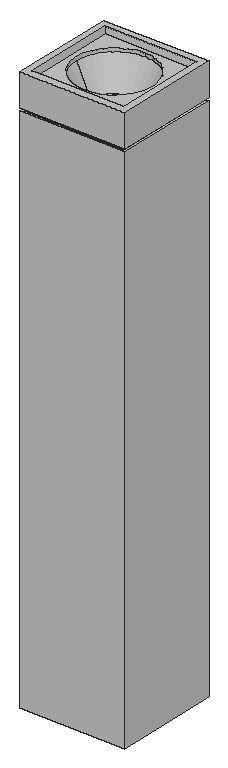
Revit family "CLighting - Luminii - Leto 44 Mini S", category Lighting Fixtures, host Face, Revit 2020
Family settings
  Host = Face
  Round Connector Dimension = Use Diameter
  Part Type = Normal
  OmniClass Number = 23.80.70.11.14.21
  OmniClass Title = Spots and Tracklight Specialties
  Cut with Voids When Loaded = No
  Light Source = Yes
  Shared = Yes
  Room Calculation Point = No
Parameters (values of type "Large")
  Width = 2.50"  # constant formula
  Wattage Comments = "13.6W"
  Wattage = 13.6364 W
  Warranty URL = "https://www.luminii.com/terms-conditions/"
  built-in parameter 1150110 = 1 (stored number, unit not read)
  Voltage Comments = "120V | 277V | 347V"  # constant formula
  Voltage = 120 V
  Version = "2020 - v1.0a"  # constant formula
  URL = "https://www.luminii.com/"
  built-in parameter 1114217 = 1 (stored number, unit not read)
  Tilt Angle = -90.00°  # constant formula
  built-in parameter 1150109 = 1 (stored number, unit not read)
  built-in parameter 1150134 = (empty or 0)
  built-in parameter 1150113 = 1 (stored number, unit not read)
  Support Phone = "224-699-9545"  # constant formula
  Support Email = "mailto:support@bimsmith.com"
  Product Page URL = "https://www.luminii.com/product/leto-44-mini-s/"
  Power Source Type = "Driver"  # constant formula
  Power Factor = 1
  Photometric Web File = "657-L-A90-617-30-07-DL.IES"
  Phase = 1
  Operating Temperature = "Consult Manufacturer Website for more Information"  # constant formula
  Number of Poles = if(and(or(Voltage = 120 V, Voltage = 277 V), Phase = 1), 1, if(and(or(Voltage = 208 V, Voltage = 240 V), Phase = 1), 2, if(and(or(Voltage = 208 V, Voltage = 240 V), Phase = 3), 3, if(and(Voltage > 300 V, Phase = 1), 2, if(and(Voltage > 400 V, Phase = 3), 3, 1)))))  # 1
  Mounting Method = "Surface Mounted"  # constant formula
  Model = if(Constraints = 1, "657-S", if(Constraints = 2, "657-M", if(Constraints = 3, "657-L", "N/A")))  # "657-L"
  Manufacturer Phone Number = "403-216-7043"  # constant formula
  Manufacturer Email = "mailto: info@sensolighting.com"
  Manufacturer Address = "302 50 Ave SE. Calgary, Alberta, T2G 2A9 Canada"  # constant formula
  Manufacturer = "Luminii"  # constant formula
  built-in parameter 1150105 = 119.37 (stored number, unit not read)
  Lumens = 1500 lm
  Luminaire Type = "Surface LED Light"  # constant formula
  built-in parameter 1150115 = 1 (stored number, unit not read)
  Load Classification = Lighting
  built-in parameter 1150137 = (empty or 0)
  built-in parameter 1150139 = (empty or 0)
  Lens Material = Plastic - Luminii - Frosted Lens
  Length [instance] = if(Constraints = 1, 2.87402", if(Constraints = 2, 8.2874", if(Constraints = 3, 13.62205", 2.87402")))  # 13.62205"
  built-in parameter 1150112 = 1 (stored number, unit not read)
  built-in parameter 1150114 = 1 (stored number, unit not read)
  Lamp Life = 1
  Lamp = "LED"  # constant formula
  Keynote = "26 50 00"
  built-in parameter 1150132 = 2
  built-in parameter 1150102 = (empty or 0)
  built-in parameter 1150107 = 3500 (stored number, unit not read)
  Initial Color Comments = "Perfomance based on 3500K Photometric Web File"  # constant formula
  built-in parameter 1150138 = (empty or 0)
  built-in parameter 1150106 = 1.1937 (stored number, unit not read)
  Housing Protection Rating = "Consult Manufacturer Website for more Information"  # constant formula
  Has Dimming = 1 = 1  # yes
  Has Battery Backup = 0 = 1  # no
  Frequency Comments = ""  # constant formula
  Frequency = 60 Hz
  Finish = Metal - Luminii - Silver Anodized Aluminum
  Environment = "Indoor"  # constant formula
  built-in parameter 1150104 = 10.219 (stored number, unit not read)
  Dimming Type = "Consult Manufacturer Website for more Information"  # constant formula
  Dimming Lamp Color Temperature Shift = <None>
  Description = "Surface Mount LED Downlight"  # constant formula
  Depth = 2.50"  # constant formula
  Default Elevation = 0.00"  # constant formula
  Current Amps = 50 A
  Copyright = "©2023 Luminii"  # constant formula
  Control Zone = "Consult Manufacturer Website for more Information"  # constant formula
  Control Type = "Consult Manufacturer Website for more Information"  # constant formula
  Constraints = 3
  Color Filter = 16777215
  built-in parameter 1114216 [instance] = 0  # (empty or 0)
  built-in parameter 1140040 [instance] = 1 = 1  # 1
  CCT = "3500K"
  built-in parameter 1114218 = 1 (stored number, unit not read)
  built-in parameter 1150133 = 10 (stored number, unit not read)
  Assembly Code = "D5020230"
  Apparent Load = Wattage / Power Factor  # 13.6364 VA
Types (3): name | Photometric Web File | Model | Length | Constraints
  Large | "657-L-A90-617-30-07-DL.IES" | "657-L" | 13.62205" | 3
  Medium | "657-M-A90-617-30-07-DL.IES" | "657-M" | 8.2874" | 2
  Small | "657-S-A90-617-30-07-DL.IES" | "657-S" | 2.87402" | 1
Reference planes (in)
  plane 1 "Center (Front/Back)": y = 0
  plane 2: z = 0
  plane 3 "Center (Left/Right)": x = 0
  plane 4: x = -1.25
  plane 5: x = 1.25
  plane 6: y = 1.25
  plane 7: y = -1.25
  plane 8: z = 13.62205
Forms (in)
  Extrusion 1, solid, material "Metal - Luminii - Silver Anodized Aluminum", not visible
    sketch origin (0, 0, 0) x (1, 0, 0) y (0, 1, 0)
      loop
        circle (0, 0) r 0.5
    from 0 to -0.17225
Dimensions and locks (in)
  equal spacing: plane 4, plane 3 "Center (Left/Right)", plane 5
  equal spacing: plane 6, plane 1 "Center (Front/Back)", plane 7
  "Depth": plane 6 to plane 7
  "Width": plane 4 to plane 5
  "Length": plane 8 to host face
  locked: plane 8 to imposter light at 0.93713
  aligned and locked: plane 2 to host face
  aligned and locked: plane 3 "Center (Left/Right)" to Extrusion 1 sketch curve
  aligned and locked: plane 1 "Center (Front/Back)" to Extrusion 1 sketch curve
  aligned and locked: plane 2 to Extrusion 1  (x2)
  aligned and locked: imposter light to plane 3 "Center (Left/Right)"
  aligned and locked: plane 3 "Center (Left/Right)" to nested 1
  aligned and locked: plane 1 "Center (Front/Back)" to nested 1
Automatic sketch dimensions
  host sketch curve to host sketch curve = 96.00"  (x2)
  radius of Extrusion 1 sketch curve = 0.50"
Nested families (in)
  nested 1: "Nested - Lamp" at (0, 0, 0), type "Nested - Lamp"
Connectors (in)
  electrical at (0, 0, 0), driven by "Number of Poles", driven by "Load Classification", driven by "Voltage", driven by "Apparent Load", driven by "Power Factor"
    settings: on Extrusion 1, index 1, voltage 120 V, apparent load 13.6364 VA, apparent load phase1 0 VA, apparent load phase2 0 VA, apparent load phase3 0 VA, power factor 1, load classification "Lighting", number of poles 1, system type 30, power factor state 1, is connector primary yes, connector utility no, sub classification motor no, connector description "Power Connection"
Definition of nested family "Nested - Lamp"
  Parameters (values of type "Nested - Lamp")
    Screen Material = none
    Inner Screen = none
    Height = if(Constraint = 1, 2.87402", if(Constraint = 2, 8.2874", if(Constraint = 3, 13.62205", 2.87402")))  # 13.62205"
    Finish = none
    Default Elevation = 48.00"
    Constraint = 3
  Reference planes (in)
    plane 1 "Center (Front/Back)": y = 0
    plane 2: z = 0
    plane 3 "Center (Left/Right)": x = 0
    plane 4: y = 1.25
    plane 5: y = -1.25
    plane 6: x = -1.25
    plane 7: x = 1.25
    plane 8: z = 13.62205
  Forms (in)
    Extrusion 1, solid
      sketch origin (0, 0, 0) x (1, 0, 0) y (0, 1, 0)
        loop
          line (-48, 48) -> (-48, -48) -> (48, -48) -> (48, 48) -> (-48, 48)
      from 0 to -12
    Sweep 2, solid, material <- "Finish"
      path origin (-0.03362, 1.25, 13.62205) x (0, 1, 0) y (-1, 0, 0)
        loop
          line (0, -1.28362) -> (0, 1.21638) -> (-2.5, 1.21638) -> (-2.5, -1.28362) -> (0, -1.28362)
      profile origin (1.25, 0, 13.62205) x (1, 0, 0) y (0, 0, 1)
        loop
          line (-0.23866, -0.10827) -> (-0.27803, -0.10827) -> (-0.27803, -0.98831) -> (0, -0.98831) -> (0, -0.84646) -> (-0.05906, -0.84646) -> (-0.05906, -0.7874) -> (0, -0.7874) -> (0, 0) -> (-0.14718, 0) -> (-0.18209, -0.24836) -> (-0.22146, -0.24836) -> (-0.23866, -0.10827)
    Revolve 3, solid
      sketch origin (-0.49058, 0, 12.63373) x (1, 0, 0) y (0, 0, 1)
        loop
          line (0.98116, -0.01969) -> (1.02442, 0.05524) -> (1.09056, 0.05524) -> (1.40417, 0.72777) -> (1.40417, 0.8023) -> (1.07049, 0.08674) -> (1.00624, 0.08674) -> (0.96298, 0.01181) -> (0.49058, 0.01181) -> (0.49058, -0.01969) -> (0.98116, -0.01969)
        axis (0.49058, 0.8023) -> (0.49058, -0.01969)
      angle from 0 to 360
    Extrusion 4, solid, material <- "Screen Material"
      sketch origin (0, 0, 12.64555) x (1, 0, 0) y (0, 1, 0)
        loop
          circle (0, 0) r 0.27714
      from 0 to 0.01969
    Extrusion 5, solid, material <- "Finish"
      sketch origin (-0.03362, 1.25, 13.62205) x (0, 1, 0) y (-1, 0, 0)
        loop
          line (0, 1.21638) -> (-2.5, 1.21638) -> (-2.5, -1.28362) -> (0, -1.28362) -> (0, 1.21638)
        loop
          line (-2.44094, 1.15732) -> (-2.44094, -1.22457) -> (-0.05906, -1.22457) -> (-0.05906, 1.15732) -> (-2.44094, 1.15732)
      from -13.62205 to -0.98831
    Extrusion 6, solid, material <- "Finish"
      sketch origin (0.97197, 0.97197, 13.51378) x (0, -1, 0) y (1, 0, 0)
        loop
          line (1.94394, -1.94394) -> (1.94394, 0) -> (0, 0) -> (0, -1.94394) -> (1.94394, -1.94394)
        loop
          circle (0.97197, -0.97197) r 0.91358
      from 0 to -0.7874
    Extrusion 7, solid, material <- "Finish", detail levels medium+fine
      sketch origin (-0.03362, 1.25, 8.28705) x (0, 1, 0) y (-1, 0, 0)
        loop
          circle (-1.25, -0.03362) r 0.21759
        loop
          line (-2.44094, -1.22457) -> (-0.05906, -1.22457) -> (-0.05906, 1.15732) -> (-2.44094, 1.15732) -> (-2.44094, -1.22457)
      from -8.24374 to -8.16929
    Extrusion 8, solid, material <- "Finish", detail levels coarse
      sketch origin (-0.03362, 1.25, 8.28705) x (0, 1, 0) y (-1, 0, 0)
        loop
          line (-2.44094, -1.22457) -> (-0.05906, -1.22457) -> (-0.05906, 1.15732) -> (-2.44094, 1.15732) -> (-2.44094, -1.22457)
      from -8.24374 to -8.16929
  Cuts and joins
    joined: Sweep 2, Extrusion 5, Extrusion 6
  Lines and regions (in)
    reference lines
      curve 1: line (-0.49058, 0, 12.63373) -> (1.84174, 0, 12.63373)
  Dimensions and locks (in)
    locked: curve 1 to plane 8 at 0.98831
    "Height": plane 8 to Extrusion 1
    Extrusion 8 to Extrusion 8 to Extrusion 1 = 0.07445" locked, 0.04331" locked
    aligned and locked: plane 2 to Extrusion 1
    aligned and locked: level to Extrusion 1
    aligned and locked: Sweep 2 sketch curve to plane 7
    aligned and locked: plane 6 to Sweep 2 sketch curve
    aligned and locked: Sweep 2 sketch curve to plane 4
    aligned and locked: plane 5 to Sweep 2 sketch curve
    aligned and locked: Extrusion 5 sketch curve to plane 4
    aligned and locked: plane 6 to Extrusion 5 sketch curve
    aligned and locked: Extrusion 5 sketch curve to plane 7
    aligned and locked: plane 5 to Extrusion 5 sketch curve
    aligned and locked: Extrusion 5 to level
    aligned and locked: Extrusion 5 to curve 1
    aligned and locked: Extrusion 7 to Extrusion 8  (x2)
  Automatic sketch dimensions
    Extrusion 1 sketch curve to Extrusion 1 sketch curve = 96.00"  (x2)
    Revolve 3 sketch curve to curve 1 = 0.01181"
    curve 1 to Revolve 3 sketch curve = 0.49058"
    Revolve 3 sketch curve to Revolve 3 sketch curve = 0.4724"
    Revolve 3 sketch curve to Revolve 3 sketch curve = 0.01818"  (x2)
    Revolve 3 sketch curve to curve 1 = 0.08674"
    Revolve 3 sketch curve to Revolve 3 sketch curve = 0.04326"
    Revolve 3 sketch curve to Revolve 3 sketch curve = 0.04607"
    Revolve 3 sketch curve to curve 1 = 0.05524"
    Revolve 3 sketch curve to Revolve 3 sketch curve = 0.02007"
    Revolve 3 sketch curve to Revolve 3 sketch curve = 0.33367"
    curve 1 to Revolve 3 sketch curve = 0.01969"
    Revolve 3 sketch curve to Revolve 3 sketch curve = 0.64104"
    Revolve 3 sketch curve to Revolve 3 sketch curve = 0.07453"
    Revolve 3 sketch curve to Revolve 3 sketch curve = 0.00"
    Revolve 3 sketch curve to Revolve 3 sketch curve = 0.26778"
    Revolve 3 sketch curve to Revolve 3 sketch curve = 0.07011"
    curve 1 to plane 3 "Center (Left/Right)" = 0.49058"
    plane 7 to curve 1 = 0.59174"
    Extrusion 5 sketch curve to plane 5 = 0.05906"
    Extrusion 5 sketch curve to plane 4 = 0.05906"
    Extrusion 5 sketch curve to plane 7 = 0.05906"
    Extrusion 5 sketch curve to plane 6 = 0.05906"
    Sweep 2 sketch curve to plane 8 = 0.00"
    profile plane to Sweep 2 sketch curve = 0.00"  (x2)
    Sweep 2 sketch curve to Sweep 2 sketch curve = 0.05906"  (x2)
    Sweep 2 sketch curve to Sweep 2 sketch curve = 0.14718"
    profile plane to Sweep 2 sketch curve = 0.18209"
    Sweep 2 sketch curve to Sweep 2 sketch curve = 0.03937"
    Sweep 2 sketch curve to Sweep 2 sketch curve = 0.0172"
    Sweep 2 sketch curve to Sweep 2 sketch curve = 0.21897"
    Sweep 2 sketch curve to plane 8 = 0.10827"
    Sweep 2 sketch curve to Sweep 2 sketch curve = 0.14009"
    Sweep 2 sketch curve to Sweep 2 sketch curve = 0.53904"
    Sweep 2 sketch curve to Sweep 2 sketch curve = 0.14186"
    Extrusion 6 sketch curve to Sweep 2 = 0.00"  (x3)
    Sweep 2 to Extrusion 6 sketch curve = 0.00"
    Extrusion 6 sketch curve to Sweep 2 = 0.97197"  (x2)
    plane 1 "Center (Front/Back)" to Extrusion 7 sketch curve = 0.00"
    Extrusion 7 sketch curve to plane 3 "Center (Left/Right)" = 0.00"
    Extrusion 7 sketch curve to plane 5 = 0.05906"
    Extrusion 7 sketch curve to plane 4 = 0.05906"
    Extrusion 7 sketch curve to plane 7 = 0.05906"
    Extrusion 7 sketch curve to plane 6 = 0.05906"
    Extrusion 8 sketch curve to plane 5 = 0.05906"
    Extrusion 8 sketch curve to plane 4 = 0.05906"
    Extrusion 8 sketch curve to plane 7 = 0.05906"
    Extrusion 8 sketch curve to plane 6 = 0.05906"
    radius of Extrusion 4 sketch curve to Revolve 3 = 0.19526"
    radius of Extrusion 6 sketch curve = 0.91358"
    radius of Extrusion 7 sketch curve = 0.21759"
